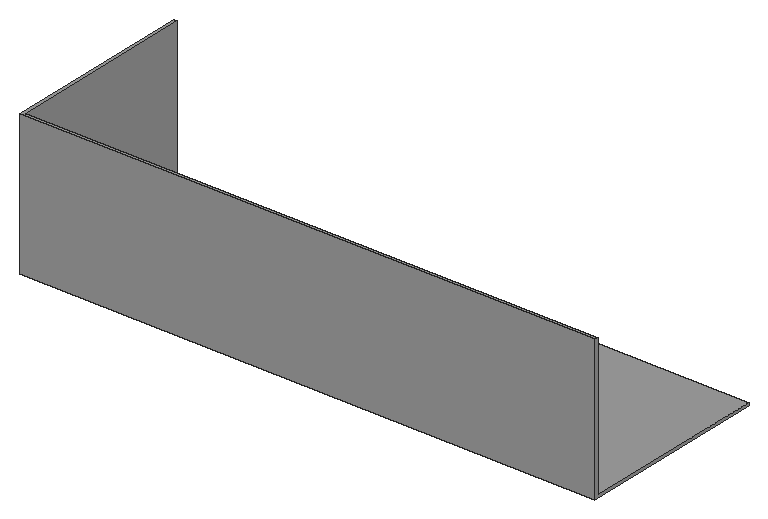
Revit family "Flashing_Preformed_Hyload_EndDam", category Generic Models, Revit 2013
Parameters (values of type "12 inch")
  Unit Width = 1' - 0"
  Unit Height = 0' - 3"
  Unit Depth = 0' - 4"
  URL = "http://www.hyload.com/"
  Thickness = 0' - 0 1/16"
  Specification = "http://www.arcat.com/sdspecs/htm04/07_65_00hyl.htm"
  Sales Information = "http://www.hyload.com/contact-us"
  Revision = "R1_12-2015"
  Product Properties = "http://www.hyload.com/masonry-flashing/preformed-shapes/"
  Product Data = "http://www.arcat.com/arcatcos/cos33/arc33176.html"
  Model = "12 in End Dam"
  Manufacturer Website = "http://www.hyload.com/"
  Manufacturer Phone - Toll Free = "800-457-4056"
  Manufacturer Phone = "330-769-3546"
  Manufacturer Fax = "330-769-4153"
  Manufacturer Address = "5020 Panther Pkwy., Seville, OH 44273"
  Manufacturer = "Hyload"
  Keynote = "07 65 00"
  Flashing Material = Hyload Flashing Membrane - Grey
  Drawn By = "Robert S. Weygant / Sumex Design"
  Description = "Preformed Hyload Masonry Flashing - 12 in End Dam"
  Copyright = "(c) ARCAT, Inc, 2015"
  Construction Details = "http://www.arcat.com/details/hyload/hyload.html?coid=33176"
  Assembly Code = "B3010400"
Types (5): name | Unit Width | Model | Description
  4 inch | 0' - 4" | "4 in End Dam" | "Preformed Hyload Masonry Flashing - 4 in End Dam"
  6 inch | 0' - 6" | "6 in End Dam" | "Preformed Hyload Masonry Flashing - 6 in End Dam"
  8 inch | 0' - 8" | "8 in End Dam" | "Preformed Hyload Masonry Flashing - 8 in End Dam"
  10 inch | 0' - 10" | "10 in End Dam" | "Preformed Hyload Masonry Flashing - 10 in End Dam"
  12 inch | 1' - 0" | "12 in End Dam" | "Preformed Hyload Masonry Flashing - 12 in End Dam"
Reference planes (in)
  plane 1 "Center (Front/Back)": y = 0
  plane 2: z = 0
  plane 3 "Center (Left/Right)": x = 0
  plane 4: y = 4
  plane 5: x = 12
  plane 6: z = 3
Forms (in)
  Extrusion 1, solid, material "Hyload Flashing Membrane - Grey" <- "Flashing Material"
    sketch origin (0, 0, 0) x (1, 0, 0) y (0, 1, 0)
      loop
        line (0, 4) -> (0, 0) -> (12, 0) -> (12, 4) -> (0, 4)
    from 0 to 0.0625 <- "Thickness"
  Extrusion 2, solid, material "Hyload Flashing Membrane - Grey" <- "Flashing Material"
    sketch origin (0, 0, 0) x (1, 0, 0) y (0, 1, 0)
      loop
        line (0, 4) -> (0, 0) -> (12, 0) -> (12, 0.0625) -> (0.0625, 0.0625) -> (0.0625, 4) -> (0, 4)
    from 0 to 3 <- "Unit Height"
Cuts and joins
  joined: Extrusion 1, Extrusion 2
Dimensions and locks (in)
  "Unit Depth": plane 1 "Center (Front/Back)" to plane 4
  "Unit Width": plane 3 "Center (Left/Right)" to plane 5
  "Unit Height": plane 6 to level
  "Thickness": plane 1 "Center (Front/Back)" to Extrusion 2 sketch curve
  "Thickness": plane 3 "Center (Left/Right)" to Extrusion 2 sketch curve
  plane 3 "Center (Left/Right)" to Extrusion 2 = 1' - 0"
  aligned and locked: plane 2 to level
  aligned and locked: Extrusion 1 sketch curve to plane 4
  aligned and locked: plane 3 "Center (Left/Right)" to Extrusion 1 sketch curve
  aligned and locked: Extrusion 1 sketch curve to plane 1 "Center (Front/Back)"
  aligned and locked: Extrusion 1 sketch curve to plane 5
  aligned and locked: plane 4 to Extrusion 2 sketch curve
  aligned and locked: Extrusion 2 sketch curve to plane 3 "Center (Left/Right)"
  aligned and locked: plane 1 "Center (Front/Back)" to Extrusion 2 sketch curve
  aligned and locked: plane 5 to Extrusion 2 sketch curve
  aligned and locked: Extrusion 2 to level
